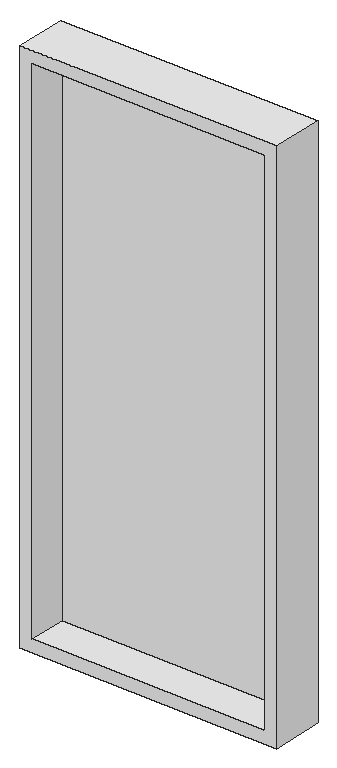
Revit family
Parameters (values of type "1000 x 2100 mm")
  프레임 = ""
  철물 = ""
  Assembly Code = ""
  유리/마감 = ""
  위치/개소 = ""
  부호 = ""
  문 틀 = 문 틀(2)
  문번호 = "3"
  문기호 = "SD"
  문 = 문(2)
  Height = 2100 mm
  Wall Closure = (empty or 0)
  Width = 1000 mm
Types (2, lengths in mm): name | 부호 | Width
  900 x 2100 mm | "3/SD" | 900
  1000 x 2100 mm | "" | 1000
Reference planes
  plane 1: y = 0
  plane 2 "중심(왼쪽/오른쪽)": x = 0
  plane 3 "왼쪽": x = -500
  plane 4 "오른쪽": x = 500
  plane 5: z = 2100
  plane 6 "외부": y = 100
  plane 7 "내부": y = -100
  plane 8: y = 50
  plane 9: x = -470
  plane 10: x = 470
  plane 11: x = -455
  plane 12: x = 455
  plane 13: z = 1000
  plane 14: z = -300
  plane 15: x = -750
  plane 16: x = 750
  plane 17: z = 2400
  plane 18: x = -345
  plane 19: z = 2070
Forms (mm)
  Sweep 1, solid, material "문 틀(2)" <- "문 틀"
    path origin (0, 100, 0) x (1, 0, 0) y (0, 0, 1)
      loop
        line (500, 0) -> (500, 2100) -> (-500, 2100) -> (-500, 0) -> (500, 0)
    profile origin (500, 100, 1050) x (-1, 0, 0) y (0, -1, 0)
      loop
        line (0, 0) -> (30, 0) -> (30, 50) -> (45, 50) -> (45, 200) -> (0, 200) -> (0, 0)
  Extrusion 2, solid, material "문(2)" <- "문"
    sketch origin (0, 0, 0) x (1, 0, 0) y (0, 1, 0)
      loop
        line (470, 100) -> (-470, 100) -> (-470, 50) -> (470, 50) -> (470, 100)
    from 0 to 2070
Lines and regions (mm)
  Opening 1
    outline origin (-3050, -100, 0) x (1, 0, 0) y (0, 0, 1)
      loop
        line (2550, 0) -> (3550, 0) -> (3550, 2100) -> (2550, 2100) -> (2550, 0)
  symbolic lines, style "평면 스윙"
    curve 1: line (-470, 100, 30) -> (470, 100, 1050)
    curve 2: line (470, 100, 1050) -> (-470, 100, 2070)
  symbolic lines, style "입면도 스윙"
    curve 3: line (470, 100, 0) -> (470, 1040.255, 0)
    curve 4: line (410, 100, 0) -> (410, 1040.255, 0)
    curve 5: line (410, 1040.255, 0) -> (470, 1040.255, 0)
    curve 6: arc (-466.592, 100, 0) -> (-214.144, 743.392, 0) -> (410, 1040.255, 0) r 940
    curve 10: line (-500, 100, -300) -> (-500, 100, 2400)
    curve 11: line (500, 100, 2400) -> (500, 100, -300)
    curve 12: line (750, 100, 0) -> (-750, 100, 0)
    curve 13: line (-750, 100, 2100) -> (750, 100, 2100)
    curve 14: line (-495, 100, 2095) -> (495, 100, 2095)
    curve 15: line (-505, 100, 2105) -> (505, 100, 2105)
    curve 16: line (-505, 100, -5) -> (-505, 100, 2105)
    curve 17: line (-495, 100, 5) -> (-495, 100, 2095)
    curve 18: line (495, 100, 5) -> (-495, 100, 5)
    curve 19: line (505, 100, -5) -> (-505, 100, -5)
    curve 20: line (495, 100, 2095) -> (495, 100, 5)
    curve 21: line (505, 100, 2105) -> (505, 100, -5)
    curve 22: line (-500, 100, 0) -> (500, 100, 0)
  symbolic lines, style "DoorsPanelProjection"
    curve 7: circle (-345, 100, 1000) r 25 normal (0, -1, 0)
    curve 8: line (-345, 100, 935) -> (-345, 100, 1065)
    curve 9: line (-280, 100, 1000) -> (-460, 100, 1000)
Text (mm)
  text "외부" at (-2295.016, 1099.543, 0), in view "참조 레벨"
  text "외부" at (0, 1615.38, 3698.081), in view "왼쪽"
  text "외부" at (0, 1036.032, 3874.932), in view "오른쪽"
Dimensions and locks
  equal spacing: plane 3 "왼쪽", plane 2 "중심(왼쪽/오른쪽)", plane 4 "오른쪽"
  "Width": plane 3 "왼쪽" to plane 4 "오른쪽"
  "Height": plane 5 to host wall
  host wall to plane 5 = 2100 mm  (x2)
  locked: plane 6 "외부" to host wall at 0
  locked: plane 7 "내부" to host wall
  locked: Sweep 1 to plane 8 at 50
  locked: plane 8 to plane 6 "외부" at 50
  plane 3 "왼쪽" to plane 9 to plane 11 = 30 mm locked, 15 mm locked
  plane 12 to plane 10 to plane 4 "오른쪽" = 15 mm locked, 30 mm locked
  locked: level to plane 13 at 1000
  curve 19 to curve 12 to curve 18 = 5 mm locked, 5 mm locked
  curve 16 to curve 10 to curve 17 = 5 mm locked, 5 mm locked
  curve 14 to curve 13 to curve 15 = 5 mm locked, 5 mm locked
  curve 21 to curve 11 to curve 20 = 5 mm locked, 5 mm locked
  locked: plane 19 to plane 5 at 30
  aligned and locked: plane 3 "왼쪽" to Opening 1 sketch curve
  aligned and locked: plane 5 to Opening 1 sketch curve  (x2)
  aligned and locked: Opening 1 sketch curve to plane 4 "오른쪽"
  aligned and locked: Opening 1 sketch curve to level
  aligned and locked: plane 1 to host wall
  aligned and locked: Sweep 1 sketch curve to plane 8
  aligned and locked: host wall to Sweep 1 sketch curve
  aligned and locked: Sweep 1 to Extrusion 2 sketch curve  (x2)
  aligned and locked: Extrusion 2 sketch curve to Sweep 1  (x2)
  aligned and locked: Extrusion 2 to Sweep 1
  aligned and locked: plane 18 to curve 8
  aligned and locked: plane 13 to curve 9
  aligned and locked: plane 3 "왼쪽" to curve 10
  aligned and locked: curve 13 to plane 5
  aligned and locked: curve 12 to level
  aligned and locked: curve 11 to Sweep 1
  aligned and locked: Extrusion 2 to plane 10
  aligned and locked: plane 9 to Extrusion 2
  aligned and locked: plane 19 to Extrusion 2
  aligned and locked: plane 3 "왼쪽" to curve 22
  aligned and locked: plane 4 "오른쪽" to curve 22
  aligned and locked: plane 6 "외부" to curve 22
Automatic sketch dimensions
  Sweep 1 sketch curve to level = 0 mm
  Sweep 1 sketch curve to plane 3 "왼쪽" = 0 mm
  Sweep 1 sketch curve to plane 4 "오른쪽" = 0 mm
  Sweep 1 sketch curve to plane 5 = 0 mm
  Sweep 1 sketch curve to plane 6 "외부" = 0 mm
  Sweep 1 sketch curve to profile plane = 0 mm
  Sweep 1 sketch curve to profile plane = 30 mm
  Sweep 1 sketch curve to profile plane = 45 mm
  curve 13 to plane 15 = 0 mm
  curve 12 to plane 15 = 0 mm
  curve 10 to plane 17 = 0 mm
  curve 10 to plane 14 = 0 mm
  curve 2 to plane 9 = 0 mm
  curve 1 to plane 9 = 0 mm
  curve 7 to plane 13 = 0 mm
  curve 7 to plane 18 = 0 mm
  curve 1 to plane 10 = 0 mm
  curve 11 to plane 14 = 0 mm
  curve 11 to plane 17 = 0 mm
  curve 13 to plane 16 = 0 mm
  curve 12 to plane 16 = 0 mm
  plane 11 to curve 9 = 5 mm
  plane 18 to curve 9 = 65 mm
  level to curve 1 = 30 mm
  curve 8 to plane 13 = 65 mm
  plane 13 to curve 1 = 50 mm
  curve 7 to curve 8 = 65 mm
  plane 5 to curve 2 = 30 mm
  curve 3 to plane 10 = 0 mm
  plane 12 to curve 6 = 45 mm
  curve 6 to plane 9 = 3.408 mm
  curve 6 to plane 10 = 3.404 mm
  host wall to curve 6 = 2.396 mm
  radius of curve 7 = 25 mm
